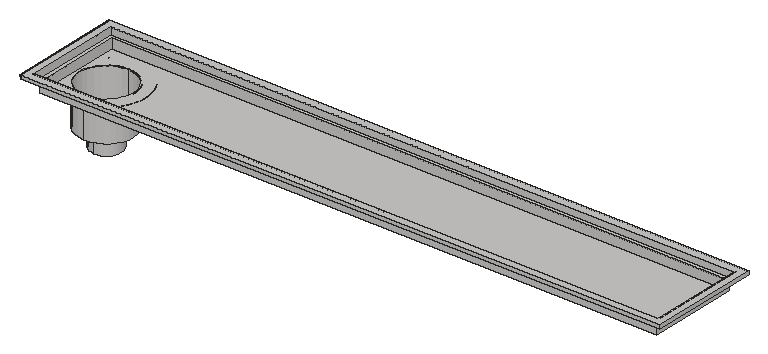
Revit family "QF_ELECTROLUXPROFESSIONAL_328056_FDA40230", category Attrezzature speciali, Revit 2020
Family settings
  Quota connettore circolare = Usa diametro
  Tipo di parte = Normale
  Basato su piano di lavoro = No
  Sempre verticale = Sì
  Taglio con vuoti quando caricato = No
  Condiviso = No
  Punto di calcolo locali = No
Parameters (values of type "Standard")
  Weight = 99.208 lbm
  Watts = 0 W
  Volts = 0 V
  URL Manufacturer = "https://www.electroluxprofessional.com/"
  URL = "https://www.electroluxprofessional.com/"
  Steam Supply Size = 0"
  Steam Supply Minimum Pressure = 0.00 psi
  Steam Supply Maximum Pressure = 0.00 psi
  Steam Consumption per Hour = 0
  Refrigeration Suction Line Size = 0 mm
  Refrigeration Liquid Line Size = 0 mm
  Refrigerant Compressor Remote = yes
  Prospetto di default = 0 mm
  Phase = 0
  Modello = "FDA40230"
  Produttore = "Electrolux Professional"
  Length Actual = 2300 mm  # constant formula
  Item Number = "328056"
  Hot Water Size = 0"
  Height Actual = 265 mm  # constant formula
  HP = "0 HP"
  Gas Size = 0"
  Gas KW = 0
  Gas Input Pressure = 0.0 Btu/h
  Direct Waste Size = 3.93701"
  Descrizione = "FLR.DRAIN+GRATE+S.SIPH-VERT.OUT.400X2300"
  Depth Actual = 400 mm  # constant formula
  Cycle = 0 Hz
  Condensate Return Size = 0"
  Compressed Air Volume = 0 GPM
  Compressed Air Size = 0"
  Compressed Air Pressure = 0.00 psi
  Cold Water Size = 0"
  Assembly Code = ""
  Accessory = yes
Reference planes
  plane 1: z = 0
  plane 2 "Center (Front/Back)": y = -102.225
  plane 3 "Center (Left/Right)": x = 9.791
  plane 4 "TOP": z = -265
  plane 5 "Back": y = 97.775
  plane 6 "Front": y = -302.225
  plane 7: x = -140.209
  plane 8: x = 159.791
  plane 9: x = 2159.791
Forms (mm)
  Revolve 1, solid, material "QF_Metal-Stainless-Polished"
    sketch origin (9.791, 0, 0) x (0, 1, 0) y (0, 0, 1)
      loop
        line (38.775, -62) -> (38.775, -60) -> (-4.225, -60) -> (-4.225, -198) -> (-49.225, -198) -> (-49.225, -265) -> (-47.225, -265) -> (-47.225, -200) -> (-2.225, -200) -> (-2.225, -62) -> (38.775, -62)
      axis (-102.225, -265) -> (-102.225, -60)
    angle from 0 to 360
  Sweep 2, solid, material "QF_Finishes_Stainless Steel"
    path origin (0, 0, 0) x (1, 0, 0) y (0, 1, 0)
      loop
        line (-140.209, 97.775) -> (-140.209, -302.225) -> (2159.791, -302.225) -> (2159.791, 97.775) -> (-140.209, 97.775)
    profile origin (1009.791, 97.775, 0) x (0, 1, 0) y (0, 0, 1)
      loop
        line (0, -11.945) -> (0, 1) -> (-26, 1) -> (-26, -25) -> (-40, -25) -> (-40, -59) -> (-50, -59) -> (-50, -60) -> (-39, -60) -> (-39, -26) -> (-25, -26) -> (-25, 0.055) -> (-1, 0.055) -> (-1, -11.945) -> (0, -11.945)
  Extrusion 3, solid, material "QF_Finishes_Stainless Steel"
    sketch origin (0, 0, 0) x (1, 0, 0) y (0, 1, 0)
      loop
        line (-90.209, 47.775) -> (-90.209, -252.225) -> (2109.791, -252.225) -> (2109.791, 47.775) -> (-90.209, 47.775)
      loop
        circle (9.791, -102.225) r 98
    from -59 to -60
Cuts and joins
  joined: Sweep 2, Extrusion 3
Lines and regions (mm)
  symbolic lines
    curve 1: line (-140.209, 97.775, 0) -> (2159.791, 97.775, 0)
    curve 2: line (-140.209, -302.225, 0) -> (-140.209, 97.775, 0)
    curve 3: line (2159.791, -302.225, 0) -> (-140.209, -302.225, 0)
    curve 4: line (2159.791, 97.775, 0) -> (2159.791, -302.225, 0)
    curve 5: circle (9.791, -102.225, 0) r 115 normal (0, 0, 1)
    curve 18: circle (9.791, -102.225, 0) r 115 normal (0, 0, -1)
    curve 24: line (-114.209, 71.775, 0) -> (2133.791, 71.775, 0)
    curve 25: line (-114.209, -276.225, 0) -> (-114.209, 71.775, 0)
    curve 26: line (2133.791, -276.225, 0) -> (-114.209, -276.225, 0)
    curve 27: line (2133.791, 71.775, 0) -> (2133.791, -276.225, 0)
    curve 28: circle (9.791, -102.225, 0) r 53 normal (0, 0, 1)
  model lines
    curve 6: line (-100.209, 71.775, 0) -> (-100.209, -276.225, 0)
    curve 7: line (-80.209, 71.775, 0) -> (-80.209, -276.225, 0)
    curve 8: line (-60.209, 71.775, 0) -> (-60.209, -276.225, 0)
    curve 9: line (-40.209, 71.775, 0) -> (-40.209, -276.225, 0)
    curve 10: line (-20.209, 71.775, 0) -> (-20.209, -276.225, 0)
    curve 11: line (-0.209, 71.775, 0) -> (-0.209, -276.225, 0)
    curve 12: line (19.791, 71.775, 0) -> (19.791, -276.225, 0)
    curve 13: line (39.791, 71.775, 0) -> (39.791, -276.225, 0)
    curve 14: line (59.791, 71.775, 0) -> (59.791, -276.225, 0)
    curve 15: line (79.791, 71.775, 0) -> (79.791, -276.225, 0)
    curve 16: line (99.791, 71.775, 0) -> (99.791, -276.225, 0)
    curve 17: line (119.791, 71.775, 0) -> (119.791, -276.225, 0)
    curve 19: line (-114.209, -22.225, 0) -> (2133.791, -22.225, 0)
    curve 20: line (-114.209, -42.225, 0) -> (2133.791, -42.225, 0)
    curve 21: line (-114.209, -62.225, 0) -> (2133.791, -62.225, 0)
    curve 22: line (-114.209, -102.225, 0) -> (2133.791, -102.225, 0)
    curve 23: line (-114.209, -122.225, 0) -> (2133.791, -122.225, 0)
    curve 29: line (-114.209, 37.775, 0) -> (2133.791, 37.775, 0)
    curve 30: line (-114.209, 17.775, 0) -> (2133.791, 17.775, 0)
    curve 31: line (-114.209, -2.225, 0) -> (2133.791, -2.225, 0)
    curve 32: line (-114.209, -202.225, 0) -> (2133.791, -202.225, 0)
    curve 33: line (-114.209, -182.225, 0) -> (2133.791, -182.225, 0)
    curve 34: line (-114.209, -162.225, 0) -> (2133.791, -162.225, 0)
    curve 35: line (-114.209, -142.225, 0) -> (2133.791, -142.225, 0)
    curve 36: line (-114.209, -262.225, 0) -> (2133.791, -262.225, 0)
    curve 37: line (-114.209, -242.225, 0) -> (2133.791, -242.225, 0)
    curve 38: line (-114.209, -222.225, 0) -> (2133.791, -222.225, 0)
    curve 39: line (-114.209, 57.775, 0) -> (2133.791, 57.775, 0)
    curve 40: line (139.791, 71.775, 0) -> (139.791, -276.225, 0)
    curve 41: line (159.791, 71.775, 0) -> (159.791, -276.225, 0)
    curve 42: line (179.791, 71.775, 0) -> (179.791, -276.225, 0)
    curve 43: line (199.791, 71.775, 0) -> (199.791, -276.225, 0)
    curve 44: line (219.791, 71.775, 0) -> (219.791, -276.225, 0)
    curve 45: line (239.791, 71.775, 0) -> (239.791, -276.225, 0)
    curve 46: line (259.791, 71.775, 0) -> (259.791, -276.225, 0)
    curve 47: line (279.791, 71.775, 0) -> (279.791, -276.225, 0)
    curve 48: line (299.791, 71.775, 0) -> (299.791, -276.225, 0)
    curve 49: line (319.791, 71.775, 0) -> (319.791, -276.225, 0)
    curve 50: line (339.791, 71.775, 0) -> (339.791, -276.225, 0)
    curve 51: line (359.791, 71.775, 0) -> (359.791, -276.225, 0)
    curve 52: line (379.791, 71.775, 0) -> (379.791, -276.225, 0)
    curve 53: line (399.791, 71.775, 0) -> (399.791, -276.225, 0)
    curve 54: line (419.791, 71.775, 0) -> (419.791, -276.225, 0)
    curve 55: line (439.791, 71.775, 0) -> (439.791, -276.225, 0)
    curve 56: line (459.791, 71.775, 0) -> (459.791, -276.225, 0)
    curve 57: line (479.791, 71.775, 0) -> (479.791, -276.225, 0)
    curve 58: line (499.791, 71.775, 0) -> (499.791, -276.225, 0)
    curve 59: line (519.791, 71.775, 0) -> (519.791, -276.225, 0)
    curve 60: line (539.791, 71.775, 0) -> (539.791, -276.225, 0)
    curve 61: line (559.791, 71.775, 0) -> (559.791, -276.225, 0)
    curve 62: line (579.791, 71.775, 0) -> (579.791, -276.225, 0)
    curve 63: line (599.791, 71.775, 0) -> (599.791, -276.225, 0)
    curve 64: line (619.791, 71.775, 0) -> (619.791, -276.225, 0)
    curve 65: line (639.791, 71.775, 0) -> (639.791, -276.225, 0)
    curve 66: line (659.791, 71.775, 0) -> (659.791, -276.225, 0)
    curve 67: line (679.791, 71.775, 0) -> (679.791, -276.225, 0)
    curve 68: line (699.791, 71.775, 0) -> (699.791, -276.225, 0)
    curve 69: line (719.791, 71.775, 0) -> (719.791, -276.225, 0)
    curve 70: line (739.791, 71.775, 0) -> (739.791, -276.225, 0)
    curve 71: line (759.791, 71.775, 0) -> (759.791, -276.225, 0)
    curve 72: line (-114.209, -82.225, 0) -> (2133.791, -82.225, 0)
    curve 73: line (779.791, 71.775, 0) -> (779.791, -276.225, 0)
    curve 74: line (799.791, 71.775, 0) -> (799.791, -276.225, 0)
    curve 75: line (819.791, 71.775, 0) -> (819.791, -276.225, 0)
    curve 76: line (839.791, 71.775, 0) -> (839.791, -276.225, 0)
    curve 77: line (859.791, 71.775, 0) -> (859.791, -276.225, 0)
    curve 78: line (879.791, 71.775, 0) -> (879.791, -276.225, 0)
    curve 79: line (899.791, 71.775, 0) -> (899.791, -276.225, 0)
    curve 80: line (919.791, 71.775, 0) -> (919.791, -276.225, 0)
    curve 81: line (939.791, 71.775, 0) -> (939.791, -276.225, 0)
    curve 82: line (959.791, 71.775, 0) -> (959.791, -276.225, 0)
    curve 83: line (979.791, 71.775, 0) -> (979.791, -276.225, 0)
    curve 84: line (999.791, 71.775, 0) -> (999.791, -276.225, 0)
    curve 85: line (1019.791, 71.775, 0) -> (1019.791, -276.225, 0)
    curve 86: line (1039.791, 71.775, 0) -> (1039.791, -276.225, 0)
    curve 87: line (1059.791, 71.775, 0) -> (1059.791, -276.225, 0)
    curve 88: line (1079.791, 71.775, 0) -> (1079.791, -276.225, 0)
    curve 89: line (1099.791, 71.775, 0) -> (1099.791, -276.225, 0)
    curve 90: line (1119.791, 71.775, 0) -> (1119.791, -276.225, 0)
    curve 91: line (1139.791, 71.775, 0) -> (1139.791, -276.225, 0)
    curve 92: line (1159.791, 71.775, 0) -> (1159.791, -276.225, 0)
    curve 93: line (1179.791, 71.775, 0) -> (1179.791, -276.225, 0)
    curve 94: line (1199.791, 71.775, 0) -> (1199.791, -276.225, 0)
    curve 95: line (1219.791, 71.775, 0) -> (1219.791, -276.225, 0)
    curve 96: line (1239.791, 71.775, 0) -> (1239.791, -276.225, 0)
    curve 97: line (1259.791, 71.775, 0) -> (1259.791, -276.225, 0)
    curve 98: line (1279.791, 71.775, 0) -> (1279.791, -276.225, 0)
    curve 99: line (1299.791, 71.775, 0) -> (1299.791, -276.225, 0)
    curve 100: line (1319.791, 71.775, 0) -> (1319.791, -276.225, 0)
    curve 101: line (1339.791, 71.775, 0) -> (1339.791, -276.225, 0)
    curve 102: line (1359.791, 71.775, 0) -> (1359.791, -276.225, 0)
    curve 103: line (1379.791, 71.775, 0) -> (1379.791, -276.225, 0)
    curve 104: line (1399.791, 71.775, 0) -> (1399.791, -276.225, 0)
    curve 105: line (1419.791, 71.775, 0) -> (1419.791, -276.225, 0)
    curve 106: line (1439.791, 71.775, 0) -> (1439.791, -276.225, 0)
    curve 107: line (1459.791, 71.775, 0) -> (1459.791, -276.225, 0)
    curve 108: line (1479.791, 71.775, 0) -> (1479.791, -276.225, 0)
    curve 109: line (1499.791, 71.775, 0) -> (1499.791, -276.225, 0)
    curve 110: line (1519.791, 71.775, 0) -> (1519.791, -276.225, 0)
    curve 111: line (1539.791, 71.775, 0) -> (1539.791, -276.225, 0)
    curve 112: line (1559.791, 71.775, 0) -> (1559.791, -276.225, 0)
    curve 113: line (1579.791, 71.775, 0) -> (1579.791, -276.225, 0)
    curve 114: line (1599.791, 71.775, 0) -> (1599.791, -276.225, 0)
    curve 115: line (1619.791, 71.775, 0) -> (1619.791, -276.225, 0)
    curve 116: line (1639.791, 71.775, 0) -> (1639.791, -276.225, 0)
    curve 117: line (1659.791, 71.775, 0) -> (1659.791, -276.225, 0)
    curve 118: line (1679.791, 71.775, 0) -> (1679.791, -276.225, 0)
    curve 119: line (1699.791, 71.775, 0) -> (1699.791, -276.225, 0)
    curve 120: line (1719.791, 71.775, 0) -> (1719.791, -276.225, 0)
    curve 121: line (1739.791, 71.775, 0) -> (1739.791, -276.225, 0)
    curve 122: line (1759.791, 71.775, 0) -> (1759.791, -276.225, 0)
    curve 123: line (1779.791, 71.775, 0) -> (1779.791, -276.225, 0)
    curve 124: line (1799.791, 71.775, 0) -> (1799.791, -276.225, 0)
    curve 125: line (1819.791, 71.775, 0) -> (1819.791, -276.225, 0)
    curve 126: line (1839.791, 71.775, 0) -> (1839.791, -276.225, 0)
    curve 127: line (1859.791, 71.775, 0) -> (1859.791, -276.225, 0)
    curve 128: line (1879.791, 71.775, 0) -> (1879.791, -276.225, 0)
    curve 129: line (1899.791, 71.775, 0) -> (1899.791, -276.225, 0)
    curve 130: line (1919.791, 71.775, 0) -> (1919.791, -276.225, 0)
    curve 131: line (1939.791, 71.775, 0) -> (1939.791, -276.225, 0)
    curve 132: line (1959.791, 71.775, 0) -> (1959.791, -276.225, 0)
    curve 133: line (1979.791, 71.775, 0) -> (1979.791, -276.225, 0)
    curve 134: line (1999.791, 71.775, 0) -> (1999.791, -276.225, 0)
    curve 135: line (2019.791, 71.775, 0) -> (2019.791, -276.225, 0)
    curve 136: line (2039.791, 71.775, 0) -> (2039.791, -276.225, 0)
    curve 137: line (2059.791, 71.775, 0) -> (2059.791, -276.225, 0)
    curve 138: line (2079.791, 71.775, 0) -> (2079.791, -276.225, 0)
    curve 139: line (2099.791, 71.775, 0) -> (2099.791, -276.225, 0)
    curve 140: line (2119.791, 71.775, 0) -> (2119.791, -276.225, 0)
Dimensions and locks
  equal spacing: plane 8, plane 3 "Center (Left/Right)", plane 7
  level to plane 4 "TOP" = 265 mm
  locked: Revolve 1 sketch curve to Revolve 1 sketch curve at 141
  locked: Revolve 1 sketch curve to Revolve 1 sketch curve at 100
  locked: Revolve 1 sketch curve to Revolve 1 sketch curve at 55
  locked: plane 8 to plane 7 at 300
  equal spacing: plane 6 "Front", plane 2 "Center (Front/Back)", plane 5 "Back"
  locked: plane 6 "Front" to plane 5 "Back" at 400
  locked: plane 7 to plane 9 at 2300
  aligned and locked: level to plane 1
  aligned and locked: Sweep 2 sketch curve to plane 9
  aligned and locked: curve 4 to plane 9
Automatic sketch dimensions
  Revolve 1 sketch curve to plane 2 "Center (Front/Back)" = 0 mm
  plane 4 "TOP" to Revolve 1 sketch curve = 65 mm
  Revolve 1 sketch curve to level = 62 mm
  Revolve 1 sketch curve to Revolve 1 sketch curve = 2 mm  (x4)
  Revolve 1 sketch curve to plane 4 "TOP" = 344.6 mm
  level to Revolve 1 sketch curve = 2466.13 mm
  plane 6 "Front" to Sweep 2 sketch curve = 0 mm
  Sweep 2 sketch curve to plane 7 = 0 mm
  plane 5 "Back" to Sweep 2 sketch curve = 0 mm
  level to Sweep 2 sketch curve = 1 mm
  Sweep 2 sketch curve to profile plane = 0 mm
  profile plane to Sweep 2 sketch curve = 1 mm
  profile plane to Sweep 2 sketch curve = 25 mm
  Sweep 2 sketch curve to Sweep 2 sketch curve = 1 mm  (x4)
  Sweep 2 sketch curve to Sweep 2 sketch curve = 14 mm
  level to Sweep 2 sketch curve = 0.055 mm
  Sweep 2 sketch curve to Sweep 2 sketch curve = 12 mm
  Sweep 2 sketch curve to level = 25 mm
  Sweep 2 sketch curve to Sweep 2 sketch curve = 33 mm
  Sweep 2 sketch curve to Sweep 2 sketch curve = 10 mm
  Revolve 1 sketch curve to plane 4 "TOP" = 0 mm
  Extrusion 3 sketch curve to plane 2 "Center (Front/Back)" = 0 mm
  Extrusion 3 sketch curve to plane 3 "Center (Left/Right)" = 0 mm
  plane 7 to Extrusion 3 sketch curve = 50 mm
  Extrusion 3 sketch curve to plane 9 = 50 mm
  Extrusion 3 sketch curve to plane 6 "Front" = 50 mm
  plane 5 "Back" to Extrusion 3 sketch curve = 50 mm
  curve 5 to curve 18 = 0 mm  (x2)
  curve 5 to curve 28 = 0 mm  (x2)
  plane 6 "Front" to curve 3 = 0 mm
  curve 3 to plane 7 = 0 mm
  curve 22 to plane 2 "Center (Front/Back)" = 0 mm
  curve 18 to plane 2 "Center (Front/Back)" = 0 mm
  curve 18 to plane 3 "Center (Left/Right)" = 0 mm
  curve 41 to plane 8 = 0 mm
  plane 5 "Back" to curve 2 = 0 mm
  plane 7 to curve 26 = 26 mm
  curve 27 to plane 9 = 26 mm
  curve 25 to plane 6 "Front" = 26 mm
  plane 5 "Back" to curve 27 = 26 mm
  curve 24 to curve 6 = 14 mm
  curve 6 to curve 7 = 20 mm
  curve 7 to curve 8 = 20 mm
  curve 8 to curve 9 = 20 mm
  curve 9 to curve 10 = 20 mm
  curve 11 to plane 3 "Center (Left/Right)" = 10 mm
  plane 3 "Center (Left/Right)" to curve 12 = 10 mm
  curve 12 to curve 13 = 20 mm
  curve 13 to curve 14 = 20 mm
  curve 14 to curve 15 = 20 mm
  curve 15 to curve 16 = 20 mm
  curve 16 to curve 17 = 20 mm
  curve 40 to curve 41 = 20 mm
  plane 8 to curve 42 = 20 mm
  curve 42 to curve 43 = 20 mm
  curve 43 to curve 44 = 20 mm
  curve 44 to curve 45 = 20 mm
  curve 45 to curve 46 = 20 mm
  curve 46 to curve 47 = 20 mm
  curve 47 to curve 48 = 20 mm
  curve 48 to curve 49 = 20 mm
  curve 49 to curve 50 = 20 mm
  curve 50 to curve 51 = 20 mm
  curve 51 to curve 52 = 20 mm
  curve 52 to curve 53 = 20 mm
  curve 53 to curve 54 = 20 mm
  curve 54 to curve 55 = 20 mm
  curve 55 to curve 56 = 20 mm
  curve 56 to curve 57 = 20 mm
  curve 57 to curve 58 = 20 mm
  curve 58 to curve 59 = 20 mm
  curve 59 to curve 60 = 20 mm
  curve 60 to curve 61 = 20 mm
  curve 61 to curve 62 = 20 mm
  curve 62 to curve 63 = 20 mm
  curve 63 to curve 64 = 20 mm
  curve 64 to curve 65 = 20 mm
  curve 65 to curve 66 = 20 mm
  curve 66 to curve 67 = 20 mm
  curve 67 to curve 68 = 20 mm
  curve 68 to curve 69 = 20 mm
  curve 69 to curve 70 = 20 mm
  curve 70 to curve 71 = 20 mm
  curve 71 to curve 73 = 20 mm
  curve 73 to curve 74 = 20 mm
  curve 74 to curve 75 = 20 mm
  curve 75 to curve 76 = 20 mm
  curve 76 to curve 77 = 20 mm
  curve 77 to curve 78 = 20 mm
  curve 78 to curve 79 = 20 mm
  curve 79 to curve 80 = 20 mm
  curve 80 to curve 81 = 20 mm
  curve 81 to curve 82 = 20 mm
  curve 82 to curve 83 = 20 mm
  curve 83 to curve 84 = 20 mm
  curve 84 to curve 85 = 20 mm
  curve 85 to curve 86 = 20 mm
  curve 86 to curve 87 = 20 mm
  curve 87 to curve 88 = 20 mm
  curve 88 to curve 89 = 20 mm
  curve 89 to curve 90 = 20 mm
  curve 90 to curve 91 = 20 mm
  curve 91 to curve 92 = 20 mm
  curve 92 to curve 93 = 20 mm
  curve 93 to curve 94 = 20 mm
  curve 94 to curve 95 = 20 mm
  curve 95 to curve 96 = 20 mm
  curve 96 to curve 97 = 20 mm
  curve 97 to curve 98 = 20 mm
  curve 98 to curve 99 = 20 mm
  curve 99 to curve 100 = 20 mm
  curve 100 to curve 101 = 20 mm
  curve 101 to curve 102 = 20 mm
  curve 102 to curve 103 = 20 mm
  curve 103 to curve 104 = 20 mm
  curve 104 to curve 105 = 20 mm
  curve 105 to curve 106 = 20 mm
  curve 106 to curve 107 = 20 mm
  curve 107 to curve 108 = 20 mm
  curve 108 to curve 109 = 20 mm
  curve 109 to curve 110 = 20 mm
  curve 110 to curve 111 = 20 mm
  curve 111 to curve 112 = 20 mm
  curve 112 to curve 113 = 20 mm
  curve 113 to curve 114 = 20 mm
  curve 114 to curve 115 = 20 mm
  curve 115 to curve 116 = 20 mm
  curve 116 to curve 117 = 20 mm
  curve 117 to curve 118 = 20 mm
  curve 118 to curve 119 = 20 mm
  curve 119 to curve 120 = 20 mm
  curve 120 to curve 121 = 20 mm
  curve 121 to curve 122 = 20 mm
  curve 122 to curve 123 = 20 mm
  curve 123 to curve 124 = 20 mm
  curve 124 to curve 125 = 20 mm
  curve 125 to curve 126 = 20 mm
  curve 126 to curve 127 = 20 mm
  curve 127 to curve 128 = 20 mm
  curve 128 to curve 129 = 20 mm
  curve 129 to curve 130 = 20 mm
  curve 130 to curve 131 = 20 mm
  curve 131 to curve 132 = 20 mm
  curve 132 to curve 133 = 20 mm
  curve 133 to curve 134 = 20 mm
  curve 134 to curve 135 = 20 mm
  curve 135 to curve 136 = 20 mm
  curve 136 to curve 137 = 20 mm
  curve 137 to curve 138 = 20 mm
  curve 138 to curve 139 = 20 mm
  curve 140 to curve 24 = 14 mm
  curve 25 to curve 36 = 14 mm
  curve 36 to curve 37 = 20 mm
  curve 37 to curve 38 = 20 mm
  curve 38 to curve 32 = 20 mm
  curve 32 to curve 33 = 20 mm
  curve 33 to curve 34 = 20 mm
  curve 34 to curve 35 = 20 mm
  curve 23 to curve 22 = 20 mm
  curve 22 to curve 72 = 20 mm
  curve 72 to curve 21 = 20 mm
  curve 21 to curve 20 = 20 mm
  curve 20 to curve 19 = 20 mm
  curve 19 to curve 31 = 20 mm
  curve 31 to curve 30 = 20 mm
  curve 30 to curve 29 = 20 mm
  curve 39 to curve 24 = 14 mm
  radius of Extrusion 3 sketch curve = 98 mm
  radius of curve 5 = 115 mm
  radius of curve 18 = 115 mm
  radius of curve 28 = 53 mm
Connectors
  piping at (9.791, -102.225, -265), diameter 100, driven by "Direct Waste Size"
    settings: on Revolve 1, index 1, connector inside diameter 24", connector length 0 mm, flow factor 0, pipe flow 0 GPM, pressure drop 0.00 psi, fitting loss kfactor 0, connector angle 0.00°, fixture units 0, engagement length 0 mm, angle of deflection 0.00°, flow configuration 1, flow direction 2, fitting loss method 0, system type 16, joint type 0, gender type 0, connector reference index -1, connector utility 0, adjustable connector no, is connector primary yes, connector description "Drain"
